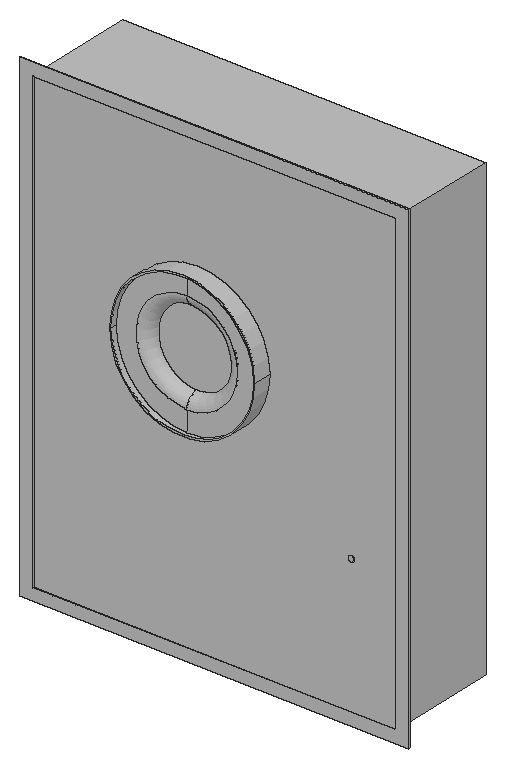
Revit family "FP_Revit_18_HBD1200e_External_Blower_90001866A", category Specialty Equipment, Revit 2018
Family settings
  Round Connector Dimension = Use Diameter
  Part Type = Normal
  OmniClass Number = 23.40.40.00
  OmniClass Title = Food Service Equipment and Furnishings
  Work Plane-Based = No
  Always vertical = Yes
  Cut with Voids When Loaded = Yes
  Shared = No
  Room Calculation Point = No
Parameters
  Visibility - Clearance Required = yes
  URL = "www.fisherpaykel.com"
  Product - Width = 680 mm  # constant formula
  Product - Height = 845 mm  # constant formula
  Product - Depth = 227 mm  # constant formula
  Model = "HPD1200E"
  Material - Body = Fisher & Paykel - Grey
  Manufacturer = "Fisher & Paykel Appliances"
  Keynote = ""
  Ground Offset (Min 24"/610mm) [instance] = 610 mm
  Description = "External Blower"
  Connector Description - Extraction = "10” (254 mm) ducting, 1200 CFM"
  Connector Description - Electrical = "120 V, 60 Hz, 2.8 A"
  Chassis - Width = 635 mm  # constant formula
  Chassis - Height = 803 mm  # constant formula
  Chassis - Depth = 195 mm  # constant formula
  Cavity - Width = 600 mm  # constant formula
  Cavity - Height = 864 mm  # constant formula
Reference planes
  plane 1 "Datum": y = 0
  plane 2: z = 0
  plane 3 "Center (Left/Right)": x = 0
  plane 4 "Product - LHS": x = -340
  plane 5 "Product - RHS": x = 340
  plane 6 "Product - Depth": y = 195
  plane 7 "Chassis - LHS": x = -317.5
  plane 8 "Chassis - RHS": x = 317.5
  plane 9 "Centre": z = 610
  plane 10 "Product - Bottom": z = 187.5
  plane 11 "Cavity - Bottom": z = 178
  plane 12 "Cavity - Top": z = 1042
  plane 13 "Product - Top": z = 1032.5
  plane 14 "Chassis - Top": z = 1011.5
  plane 15 "Chassis - Bottom": z = 208.5
  plane 16 "Cavity - LHS": x = -349.5
  plane 17 "Cavity - RHS": x = 349.5
Forms (mm)
  Extrusion 1, solid, material "Fisher & Paykel - Grey" <- "Material - Body", detail levels fine
    sketch origin (0, 0, 0) x (1, 0, 0) y (0, 0, 1)
      loop
        line (-340, 1032.5) -> (-340, 187.5) -> (340, 187.5) -> (340, 1032.5) -> (-340, 1032.5)
      loop
        line (-317.5, 1011.5) -> (-317.5, 208.5) -> (317.5, 208.5) -> (317.5, 1011.5) -> (-317.5, 1011.5)
    from 2 to 0
  Extrusion 2, solid, material "Fisher & Paykel - Grey" <- "Material - Body"
    sketch origin (0, 0, 0) x (1, 0, 0) y (0, 0, 1)
      loop
        line (-317.5, 1011.5) -> (-317.5, 208.5) -> (317.5, 208.5) -> (317.5, 1011.5) -> (-317.5, 1011.5)
    from -195 to 0
  Extrusion 3, solid, material "Fisher & Paykel - Grey" <- "Material - Body"
    sketch origin (0, 0, 0) x (1, 0, 0) y (0, 0, 1)
      loop
        circle (-31.5, 686) r 127
      loop
        circle (-31.5, 686) r 125
    from 32 to 0
  Revolve 4, solid, material "Fisher & Paykel - Grey" <- "Material - Body", detail levels fine
    sketch origin (-31.5, 0, 0) x (0, 1, 0) y (0, 0, 1)
      loop
        line (-22, 811) -> (-22, 775.027)
        arc (-22, 775.027) -> (-15.506, 759.753) -> (0, 753.833) r 21.208
        line (0, 753.833) -> (0, 811) -> (-22, 811)
      axis (-22, 686) -> (0, 686)
    angle from 0 to 360
  Extrusion 5, void
    sketch origin (0, 0, 0) x (1, 0, 0) y (0, 0, 1)
      loop
        circle (-31.5, 686) r 139.5
      loop
        circle (238.5, 448) r 16
    from 160 to 22
  Extrusion 6, solid, material "Fisher & Paykel - Grey"
    sketch origin (0, 0, 0) x (1, 0, 0) y (0, 0, 1)
      loop
        circle (238.5, 448) r 5
    from -50 to 0
  Extrusion 7, void
    sketch origin (0, 0, 0) x (1, 0, 0) y (0, 0, 1)
      loop
        line (-349.5, 1042) -> (-349.5, 178) -> (349.5, 178) -> (349.5, 1042) -> (-349.5, 1042)
    from 22 to 2
  Extrusion 8, solid, material "Fisher & Paykel - Grey"
    sketch origin (0, 0, 0) x (1, 0, 0) y (0, 1, 0)
      loop
        line (-312.5, 190) -> (-312.5, 5) -> (312.5, 5) -> (312.5, 190) -> (-312.5, 190)
    from 208.5 to 218.5
Text (mm)
  text "Due to ongoing product development, product details are subject to change without notice. \nPlease always refer to www.fisherpaykel.com for the most current product information. \n© Fisher & Paykel 2020" at (41.04, -459.323, 0), in view "Ref. Level (Plan)"
Dimensions and locks
  equal spacing: plane 4 "Product - LHS", plane 3 "Center (Left/Right)", plane 5 "Product - RHS"
  "Product - Width": plane 4 "Product - LHS" to plane 5 "Product - RHS"
  equal spacing: plane 7 "Chassis - LHS", plane 3 "Center (Left/Right)", plane 8 "Chassis - RHS"
  "Chassis - Width": plane 7 "Chassis - LHS" to plane 8 "Chassis - RHS"
  "Chassis - Depth": plane 1 "Datum" to plane 6 "Product - Depth"
  locked: Revolve 4 sketch curve to plane 9 "Centre" at 201
  locked: plane 3 "Center (Left/Right)" to Revolve 4 at 31.5
  "Ground Offset (Min 24"/610mm)": plane 9 "Centre" to level
  locked: Extrusion 6 sketch curve to plane 9 "Centre" at 162
  equal spacing: Extrusion 7 sketch curve, plane 9 "Centre", Extrusion 7 sketch curve
  equal spacing: Extrusion 7 sketch curve, plane 3 "Center (Left/Right)", Extrusion 7 sketch curve
  locked: Extrusion 1 to Extrusion 7 sketch curve at 689.5
  locked: Extrusion 7 sketch curve to Extrusion 7 sketch curve at 864
  Extrusion 7 to plane 6 "Product - Depth" = 217 mm
  locked: Extrusion 8 to Extrusion 2 at 10
  locked: Extrusion 7 to plane 1 "Datum" at 22
  locked: Extrusion 5 to plane 1 "Datum" at 160
  equal spacing: plane 14 "Chassis - Top", plane 9 "Centre", plane 15 "Chassis - Bottom"
  equal spacing: plane 13 "Product - Top", plane 9 "Centre", plane 10 "Product - Bottom"
  equal spacing: plane 12 "Cavity - Top", plane 9 "Centre", plane 11 "Cavity - Bottom"
  "Chassis - Height": plane 14 "Chassis - Top" to plane 15 "Chassis - Bottom"
  "Product - Height": plane 13 "Product - Top" to plane 10 "Product - Bottom"
  "Cavity - Height": plane 12 "Cavity - Top" to plane 11 "Cavity - Bottom"
  "Product - Depth": plane 6 "Product - Depth" to Extrusion 3
  aligned and locked: level to plane 2
  aligned and locked: plane 6 "Product - Depth" to Extrusion 2
  aligned and locked: plane 4 "Product - LHS" to Extrusion 1  (x2)
  aligned and locked: Extrusion 1 to plane 5 "Product - RHS"  (x2)
  aligned and locked: Extrusion 1 to plane 8 "Chassis - RHS"
  aligned and locked: Extrusion 1 to plane 7 "Chassis - LHS"
  aligned and locked: plane 7 "Chassis - LHS" to Extrusion 2  (x2)
  aligned and locked: Extrusion 2 to Extrusion 1  (x2)
  aligned and locked: plane 8 "Chassis - RHS" to Extrusion 2  (x2)
  aligned and locked: Extrusion 7 to Extrusion 5
  aligned and locked: Extrusion 8 to Extrusion 1
  aligned and locked: Extrusion 7 to Extrusion 1
  aligned and locked: plane 16 "Cavity - LHS" to Extrusion 7
  aligned and locked: Extrusion 7 to plane 17 "Cavity - RHS"  (x2)
  aligned and locked: Extrusion 7 to plane 16 "Cavity - LHS"
  aligned and locked: Extrusion 2 to plane 6 "Product - Depth"
  aligned and locked: Extrusion 7 to plane 12 "Cavity - Top"
  aligned and locked: Extrusion 1 to plane 13 "Product - Top"
  aligned and locked: plane 14 "Chassis - Top" to Extrusion 1
  aligned and locked: plane 11 "Cavity - Bottom" to Extrusion 7
  aligned and locked: plane 10 "Product - Bottom" to Extrusion 1
  aligned and locked: Extrusion 1 to plane 15 "Chassis - Bottom"
Automatic sketch dimensions
  plane 4 "Product - LHS" to Extrusion 1 sketch curve = 0 mm
  plane 7 "Chassis - LHS" to Extrusion 1 sketch curve = 0 mm
  Extrusion 1 sketch curve to plane 8 "Chassis - RHS" = 0 mm
  plane 5 "Product - RHS" to Extrusion 1 sketch curve = 0 mm
  level to Extrusion 1 sketch curve = 187.5 mm
  Extrusion 1 sketch curve to Extrusion 1 sketch curve = 21 mm  (x2)
  plane 9 "Centre" to Extrusion 1 sketch curve = 401.5 mm
  plane 7 "Chassis - LHS" to Extrusion 2 sketch curve = 0 mm
  Extrusion 2 sketch curve to plane 8 "Chassis - RHS" = 0 mm
  level to Extrusion 2 sketch curve = 208.5 mm
  plane 9 "Centre" to Extrusion 2 sketch curve = 401.5 mm
  Extrusion 3 sketch curve to Extrusion 3 sketch curve = 0 mm  (x2)
  Extrusion 3 sketch curve to plane 3 "Center (Left/Right)" = 31.5 mm
  plane 9 "Centre" to Extrusion 3 sketch curve = 76 mm
  Revolve 4 sketch curve to plane 1 "Datum" = 0 mm
  plane 1 "Datum" to Revolve 4 sketch curve = 0.792 mm
  Revolve 4 sketch curve to Revolve 4 sketch curve = 22 mm
  Revolve 4 sketch curve to Revolve 4 sketch curve = 35.973 mm
  plane 1 "Datum" to Revolve 4 sketch curve = 32 mm
  Revolve 4 sketch curve to plane 1 "Datum" = 8 mm
  Revolve 4 sketch curve to Revolve 4 sketch curve = 67.833 mm
  Extrusion 5 sketch curve to Extrusion 5 sketch curve = 270 mm
  Extrusion 5 sketch curve to Extrusion 5 sketch curve = 238 mm
  Extrusion 5 sketch curve to plane 3 "Center (Left/Right)" = 31.5 mm
  plane 9 "Centre" to Extrusion 5 sketch curve = 76 mm
  Extrusion 8 sketch curve to plane 1 "Datum" = 5 mm
  plane 5 "Product - RHS" to Extrusion 8 sketch curve = 652.5 mm
  Extrusion 8 sketch curve to Extrusion 8 sketch curve = 625 mm
  Extrusion 8 sketch curve to plane 6 "Product - Depth" = 5 mm
  Extrusion 6 sketch curve to plane 8 "Chassis - RHS" = 79 mm
  radius of Extrusion 3 sketch curve = 127 mm
  radius of Extrusion 3 sketch curve = 125 mm
  radius of Extrusion 5 sketch curve = 139.5 mm
  radius of Extrusion 5 sketch curve = 16 mm
  radius of Extrusion 6 sketch curve = 5 mm
Connectors
  electrical at (238.5, 0, 448), driven by "Connector Description - Electrical"
    settings: on Extrusion 6, index 1, voltage 120 V, apparent load 0 VA, apparent load phase1 0 VA, apparent load phase2 0 VA, apparent load phase3 0 VA, power factor 1, load classification "Other", number of poles 1, system type 30, power factor state 1, is connector primary yes, connector utility no, sub classification motor no, connector description "120 V, 60 Hz, 2.8 A"
  hvac at (-31.5, -32, 686), driven by "Connector Description - Extraction"
    settings: on Extrusion 3, index 2, duct flow 0.0 L/s, flow factor 0, pres drop 0.0 Pa, loss coef 0, conn angle 0.00°, conn width 304.8 mm, conn height 304.8 mm, conn diameter 254 mm, duct sys type 4, conn prof type 0, flow config 0, flow direction 2, loss method 0, conn ref index -1, conn util no, is conn primary yes, conn desc "10” (254 mm) ducting, 1200 CFM"
